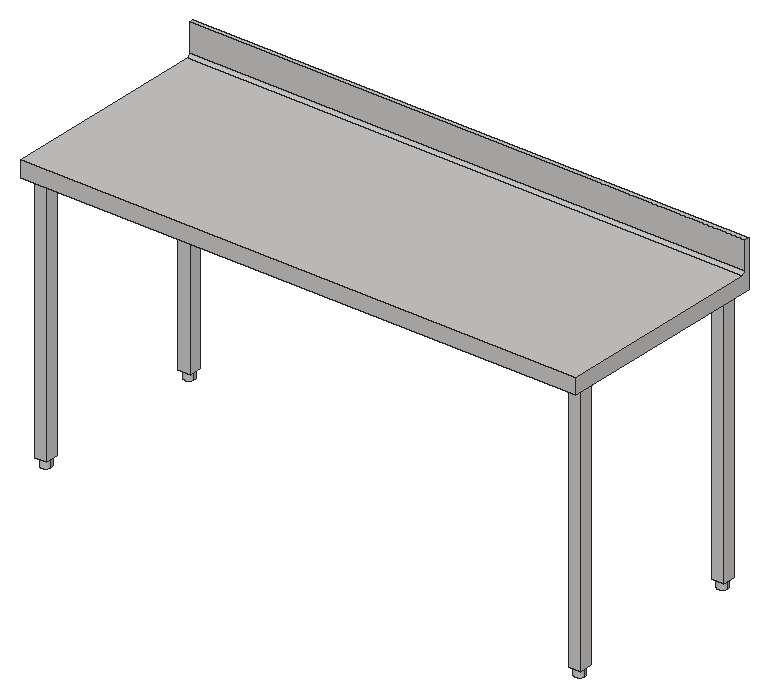
Revit family "QF_ELECTROLUXPROFESSIONAL_132750_TG1810PN", category Attrezzature speciali, Revit 2020
Family settings
  Quota connettore circolare = Usa diametro
  Tipo di parte = Normale
  Basato su piano di lavoro = No
  Sempre verticale = Sì
  Taglio con vuoti quando caricato = No
  Condiviso = No
  Punto di calcolo locali = No
Parameters (values of type "Standard")
  Weight = 54.00 kg
  Watts = 0 W
  Volts = 0 V
  URL Manufacturer = "https://www.electroluxprofessional.com/"
  URL = "https://www.electroluxprofessional.com/"
  Steam Supply Size = 0 mm
  Steam Supply Minimum Pressure = 0.0 Pa
  Steam Supply Maximum Pressure = 0.0 Pa
  Steam Consumption per Hour = 0
  Refrigeration Suction Line Size = 0.0 mm
  Refrigeration Liquid Line Size = 0.0 mm
  Refrigerant Compressor Remote = yes
  Prospetto di default = 0.0 mm
  Produttore = "Electrolux Professional"
  Phase = 0
  Modello = "TG1810PN"
  Length Actual = 1800.0 mm  # constant formula
  Item Number = "132750"
  Hot Water Size = 0 mm
  Height Actual = 1000.0 mm  # constant formula
  HP = "0 HP"
  Gas Size = 0 mm
  Gas KW = 0
  Gas Input Pressure = 0 W
  Direct Waste Size = 0 mm
  Descrizione = "WORK TABLE WITH UPSTAND 1800 MM"
  Depth Actual = 700.0 mm  # constant formula
  Cycle = 0 Hz
  Condensate Return Size = 0 mm
  Compressed Air Volume = 0.0 L/s
  Compressed Air Size = 0 mm
  Compressed Air Pressure = 0.0 Pa
  Cold Water Size = 0 mm
  Accessory = yes
Reference planes
  plane 1 "Center (Front/Back)": y = 0
  plane 2: z = 0
  plane 3 "Center (Left/Right)": x = -400
  plane 4 "LEFT": x = -1300
  plane 5 "RIGHT": x = 500
  plane 6 "BACK": y = 350
  plane 7 "FRONT": y = -350
  plane 8 "Base": z = 850
  plane 9 "TOP": z = 900
  plane 10: x = -1264.5
  plane 11: x = 464.5
  plane 12: y = 290
  plane 13: y = -290
Forms (mm)
  Extrusion 1, solid, material "QF_Finishes_Stainless Steel"
    sketch origin (-400, 0, 0) x (0, 1, 0) y (0, 0, 1)
      loop
        line (-350, 850) -> (350, 850) -> (350, 1000) -> (337, 1000) -> (337, 910)
        arc (337, 910) -> (334.071, 902.929) -> (327, 900) r 10
        line (327, 900) -> (-350, 900) -> (-350, 850)
    from 900 to -900
Lines and regions (mm)
  symbolic lines
    curve 1: line (500, 350, 900) -> (-1300, 350, 900)
    curve 2: line (-1300, 350, 900) -> (-1300, -350, 900)
    curve 3: line (-1300, -350, 900) -> (500, -350, 900)
    curve 4: line (500, -350, 900) -> (500, 350, 900)
    curve 5: line (500, 337, 900) -> (-1300, 337, 900)
Dimensions and locks
  plane 4 "LEFT" to plane 5 "RIGHT" = 1800.0 mm
  equal spacing: plane 4 "LEFT", plane 3 "Center (Left/Right)", plane 5 "RIGHT"
  locked: plane 8 "Base" to level at 850
  plane 4 "LEFT" to plane 10 = 35.5 mm
  plane 11 to plane 5 "RIGHT" = 35.5 mm
  plane 10 to plane 11 = 1729.0 mm
  locked: Extrusion 1 to level at 1000
  plane 9 "TOP" to level = 900.0 mm
  plane 6 "BACK" to plane 12 = 60.0 mm
  plane 13 to plane 7 "FRONT" = 60.0 mm
  plane 6 "BACK" to plane 7 "FRONT" = 700.0 mm
  plane 12 to plane 13 = 580.0 mm
  equal spacing: plane 6 "BACK", plane 1 "Center (Front/Back)", plane 7 "FRONT"
  aligned and locked: level to plane 2
  aligned and locked: plane 10 to nested 1
  aligned and locked: nested 1 to plane 13
  aligned and locked: plane 11 to nested 2
  aligned and locked: nested 2 to plane 13
  aligned and locked: plane 11 to nested 4
  aligned and locked: nested 4 to plane 12
  aligned and locked: plane 10 to nested 3
  aligned and locked: nested 3 to plane 12
  aligned and locked: Extrusion 1 to plane 4 "LEFT"
  aligned and locked: plane 5 "RIGHT" to Extrusion 1
  aligned and locked: curve 2 to plane 4 "LEFT"
Automatic sketch dimensions
  Extrusion 1 sketch curve to plane 7 "FRONT" = 0.0 mm
  Extrusion 1 sketch curve to plane 9 "TOP" = 0.0 mm
  Extrusion 1 sketch curve to plane 6 "BACK" = 0.0 mm
  Extrusion 1 sketch curve to plane 8 "Base" = 0.0 mm
  plane 9 "TOP" to Extrusion 1 sketch curve = 10.0 mm
  Extrusion 1 sketch curve to plane 6 "BACK" = 13.0 mm
  Extrusion 1 sketch curve to Extrusion 1 sketch curve = 90.0 mm
  curve 3 to plane 7 "FRONT" = 0.0 mm
  curve 5 to plane 5 "RIGHT" = 0.0 mm
  curve 4 to plane 6 "BACK" = 0.0 mm
  curve 5 to plane 6 "BACK" = 13.0 mm
Nested families
  nested 1: "FEET_40x40" at (-1264.5, -290, 0), type "FEET_40x40"
  nested 2: "FEET_40x40" at (464.5, -290, 0), type "FEET_40x40"
  nested 3: "FEET_40x40" at (-1264.5, 290, 0), type "FEET_40x40"
  nested 4: "FEET_40x40" at (464.5, 290, 0), type "FEET_40x40"
Definition of nested family "FEET_40x40"
  Parameters
    Default Elevation = 0.0 mm
    FEET = 850.0 mm
  Reference planes
    plane 1 "Center (Front/Back)": y = 0
    plane 2: z = 0
    plane 3 "Center (Left/Right)": x = 0
    plane 4: z = 850
  Forms (mm)
    Extrusion 1, solid
      sketch origin (0, 0, 0) x (1, 0, 0) y (0, 1, 0)
        loop
          line (-20, -20) -> (20, -20) -> (20, 20) -> (-20, 20) -> (-20, -20)
      from 25 to 845
    Extrusion 2, solid
      sketch origin (0, 0, 0) x (1, 0, 0) y (0, 1, 0)
        loop
          circle (0, 0) r 16
      from 0 to 25
    Extrusion 3, solid
      sketch origin (0, 0, 0) x (1, 0, 0) y (0, 1, 0)
        loop
          line (30, 30) -> (-30, 30) -> (-30, -30) -> (30, -30) -> (30, 30)
      from 845 to 850
  Lines and regions (mm)
    symbolic lines
      curve 1: line (0, -1.503, 0) -> (0, 1.508, 0)
      curve 2: line (1.561, 0, 0) -> (-1.439, 0, 0)
  Dimensions and locks
    "FEET": plane 4 to plane 2
    aligned and locked: level to plane 2
  Automatic sketch dimensions
    Extrusion 1 sketch curve to plane 3 "Center (Left/Right)" = 20.0 mm
    plane 3 "Center (Left/Right)" to Extrusion 1 sketch curve = 20.0 mm
    plane 1 "Center (Front/Back)" to Extrusion 1 sketch curve = 20.0 mm
    Extrusion 1 sketch curve to plane 1 "Center (Front/Back)" = 20.0 mm
    plane 1 "Center (Front/Back)" to Extrusion 2 sketch curve = 0.0 mm
    Extrusion 2 sketch curve to plane 3 "Center (Left/Right)" = 0.0 mm
    plane 3 "Center (Left/Right)" to Extrusion 3 sketch curve = 30.0 mm
    Extrusion 3 sketch curve to plane 1 "Center (Front/Back)" = 30.0 mm
    Extrusion 3 sketch curve to plane 3 "Center (Left/Right)" = 30.0 mm
    plane 1 "Center (Front/Back)" to Extrusion 3 sketch curve = 30.0 mm
    plane 1 "Center (Front/Back)" to curve 2 = 0.0 mm
    curve 1 to plane 3 "Center (Left/Right)" = 0.0 mm
    curve 2 to plane 3 "Center (Left/Right)" = 1.439 mm
    plane 3 "Center (Left/Right)" to curve 2 = 1.561 mm
    plane 1 "Center (Front/Back)" to curve 1 = 1.503 mm
    curve 1 to plane 1 "Center (Front/Back)" = 1.508 mm
    radius of Extrusion 2 sketch curve = 16.0 mm
